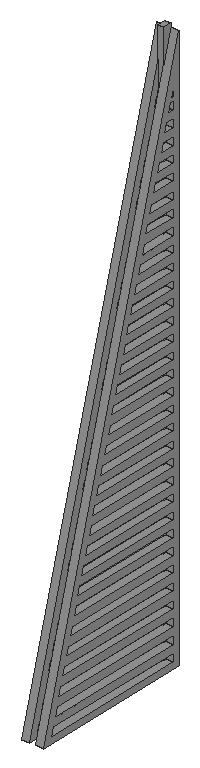
Revit family "MBS_shading panel2__up_90", category Generic Models, Revit 2014
Reference planes
  plane 1 "Center (Front/Back)": y = 0
  plane 2: z = 0
  plane 3 "Center (Left/Right)": x = 0
Dimensions and locks
  aligned and locked: level to plane 2
Nested families
  nested 1: "MBS_rounding mullion shading system1" at (100, -100, 0), type "MBS_rounding mullion shading system1"
    with rounding mullion height 2700 mm
  nested 2: "MBS_shading panel2" at (180, -97.037, 2680) x (0, 1, 0) z (1, 0, 0), type "MBS_shading panel2"
    with shad panel thickness 40 mm, shad panel 1 void height 2700 mm
  nested 3: "MBS_shading panel2" at (155, -97.037, 2680) x (0, 1, 0) z (-1, 0, 0), type "MBS_shading panel2"
    with shad panel thickness 40 mm, shad panel 1 void height 2700 mm
Definition of nested family "MBS_rounding mullion shading system1"
  Parameters (values of type "MBS_rounding mullion shading system1")
    rounding mullion mater = Steel, Galvanized rounding mull
    rounding mullion height [instance] = 2700 mm
    Default Elevation = 1219.2 mm
  Reference planes
    plane 1 "Center (Front/Back)": y = 0
    plane 2: z = 0
    plane 3 "Center (Left/Right)": x = 0
  Forms (mm)
    Extrusion 1, solid
      sketch origin (0, 0, 0) x (1, 0, 0) y (0, 1, 0)
        loop
          line (-1219.2, 1219.2) -> (-1219.2, -1219.2) -> (1219.2, -1219.2) -> (1219.2, 1219.2) -> (-1219.2, 1219.2)
      from 0 to -304.8
    Extrusion 2, solid, material "Steel, Galvanized rounding mull" <- "rounding mullion mater"
      sketch origin (0, 0, 0) x (1, 0, 0) y (0, 1, 0)
        loop
          line (55, 0) -> (55, -40) -> (80, -40) -> (80, 0) -> (55, 0)
      from 0 to 2700 <- "rounding mullion height"
  Dimensions and locks
    aligned and locked: plane 2 to Extrusion 1
    aligned and locked: level to Extrusion 1
Definition of nested family "MBS_shading panel2"
  Parameters (values of type "MBS_shading panel2")
    shading panel mater = Oak, Red shading panel2
    shad panel thickness [instance] = 40 mm
    shad panel 1 void height [instance] = 2700 mm
    panel hole = 40 mm
    Default Elevation = 1219.2 mm
  Reference planes
    plane 1 "Center (Front/Back)": y = 0
    plane 2: z = 0
    plane 3 "Center (Left/Right)": x = 0
    plane 4: y = -281.851
    plane 5: y = -321.851
    plane 6: y = -356.851
    plane 7: y = -396.851
    plane 8: through (-32.963, -206.851, 1219.2) normal (0.9588, -0.2841, 0)
    plane 9: y = -431.851
    plane 10: y = -471.851
    plane 11: y = -506.851
    plane 12: y = -546.851
    plane 13: y = -581.851
    plane 14: y = -621.851
    plane 15: y = -661.851
    plane 16: y = -701.851
    plane 17: y = -736.851
    plane 18: y = -776.851
    plane 19: y = -811.851
    plane 20: y = -851.851
    plane 21: y = -886.851
    plane 22: y = -926.851
    plane 23: y = -961.851
    plane 24: y = -1001.851
    plane 25: y = -1036.851
    plane 26: y = -1076.851
    plane 27: y = -1111.851
    plane 28: y = -1151.851
    plane 29: y = -1186.851
    plane 30: y = -1226.851
    plane 31: y = -1261.851
    plane 32: y = -1301.851
    plane 33: y = -1336.851
    plane 34: y = -1376.851
    plane 35: y = -1411.851
    plane 36: y = -1451.851
    plane 37: y = -1486.851
    plane 38: y = -1526.851
    plane 39: y = -1561.851
    plane 40: y = -1601.851
    plane 41: y = -1636.851
    plane 42: y = -1676.851
    plane 43: y = -1711.851
    plane 44: y = -1751.851
    plane 45: y = -1786.851
    plane 46: y = -1826.851
    plane 47: y = -1861.851
    plane 48: y = -1901.851
    plane 49: y = -1936.851
    plane 50: y = -1976.851
    plane 51: y = -2011.851
    plane 52: y = -2051.851
    plane 53: y = -2086.851
    plane 54: y = -2126.851
    plane 55: y = -2161.851
    plane 56: y = -2201.851
    plane 57: y = -2236.851
    plane 58: y = -2276.851
    plane 59: y = -2311.851
    plane 60: y = -2351.851
    plane 61: y = -2386.851
    plane 62: y = -2426.851
    plane 63: y = -2501.851
    plane 64: y = -2461.851
    plane 65: y = -2536.851
    plane 66: y = -2576.851
    plane 67: y = -2611.851
    plane 68: y = -2651.851
  Forms (mm)
    Extrusion 1, solid
      sketch origin (0, 0, 0) x (1, 0, 0) y (0, 1, 0)
        loop
          line (-1219.2, 1219.2) -> (-1219.2, -1219.2) -> (1219.2, -1219.2) -> (1219.2, 1219.2) -> (-1219.2, 1219.2)
      from 0 to -304.8
    Extrusion 2, solid, material "Oak, Red shading panel2" <- "shading panel mater"
      sketch origin (224.87, -1442.49, 0) x (1, 0, 0) y (0, 1, 0)
        loop
          line (-227.833, 1442.49) -> (-1021.907, -1237.51) -> (-227.833, -1237.51) -> (-227.833, 1442.49)
        loop
          line (-257.833, 1235.639) -> (-275.611, 1175.639) -> (-257.833, 1175.639) -> (-257.833, 1235.639)
        loop
          line (-257.833, 1160.639) -> (-280.056, 1160.639) -> (-291.907, 1120.639) -> (-257.833, 1120.639) -> (-257.833, 1160.639)
        loop
          line (-257.833, 1085.639) -> (-302.278, 1085.639) -> (-314.13, 1045.639) -> (-257.833, 1045.639) -> (-257.833, 1085.639)
        loop
          line (-257.833, 1010.639) -> (-324.5, 1010.639) -> (-336.352, 970.639) -> (-257.833, 970.639) -> (-257.833, 1010.639)
        loop
          line (-257.833, 860.639) -> (-368.944, 860.639) -> (-380.796, 820.639) -> (-257.833, 820.639) -> (-257.833, 860.639)
        loop
          line (-257.833, 935.639) -> (-346.722, 935.639) -> (-358.574, 895.639) -> (-257.833, 895.639) -> (-257.833, 935.639)
        loop
          line (-257.833, 780.639) -> (-392.648, 780.639) -> (-404.5, 740.639) -> (-257.833, 740.639) -> (-257.833, 780.639)
        loop
          line (-257.833, 705.639) -> (-414.87, 705.639) -> (-426.722, 665.639) -> (-257.833, 665.639) -> (-257.833, 705.639)
        loop
          line (-257.833, 630.639) -> (-437.093, 630.639) -> (-448.944, 590.639) -> (-257.833, 590.639) -> (-257.833, 630.639)
        loop
          line (-257.833, 555.639) -> (-459.315, 555.639) -> (-471.167, 515.639) -> (-257.833, 515.639) -> (-257.833, 555.639)
        loop
          line (-257.833, 480.639) -> (-481.537, 480.639) -> (-493.389, 440.639) -> (-257.833, 440.639) -> (-257.833, 480.639)
        loop
          line (-257.833, 405.639) -> (-503.759, 405.639) -> (-515.611, 365.639) -> (-257.833, 365.639) -> (-257.833, 405.639)
        loop
          line (-257.833, 330.639) -> (-525.982, 330.639) -> (-537.833, 290.639) -> (-257.833, 290.639) -> (-257.833, 330.639)
        loop
          line (-257.833, 255.639) -> (-548.204, 255.639) -> (-560.056, 215.639) -> (-257.833, 215.639) -> (-257.833, 255.639)
        loop
          line (-257.833, 180.639) -> (-570.426, 180.639) -> (-582.278, 140.639) -> (-257.833, 140.639) -> (-257.833, 180.639)
        loop
          line (-257.833, 105.639) -> (-592.648, 105.639) -> (-604.5, 65.639) -> (-257.833, 65.639) -> (-257.833, 105.639)
        loop
          line (-257.833, 30.639) -> (-614.87, 30.639) -> (-626.722, -9.361) -> (-257.833, -9.361) -> (-257.833, 30.639)
        loop
          line (-257.833, -44.361) -> (-637.093, -44.361) -> (-648.944, -84.361) -> (-257.833, -84.361) -> (-257.833, -44.361)
        loop
          line (-257.833, -119.361) -> (-659.315, -119.361) -> (-671.167, -159.361) -> (-257.833, -159.361) -> (-257.833, -119.361)
        loop
          line (-257.833, -194.361) -> (-681.537, -194.361) -> (-693.389, -234.361) -> (-257.833, -234.361) -> (-257.833, -194.361)
        loop
          line (-257.833, -269.361) -> (-703.759, -269.361) -> (-715.611, -309.361) -> (-257.833, -309.361) -> (-257.833, -269.361)
        loop
          line (-257.833, -344.361) -> (-725.982, -344.361) -> (-737.833, -384.361) -> (-257.833, -384.361) -> (-257.833, -344.361)
        loop
          line (-257.833, -419.361) -> (-748.204, -419.361) -> (-760.056, -459.361) -> (-257.833, -459.361) -> (-257.833, -419.361)
        loop
          line (-257.833, -494.361) -> (-770.426, -494.361) -> (-782.278, -534.361) -> (-257.833, -534.361) -> (-257.833, -494.361)
        loop
          line (-257.833, -569.361) -> (-792.648, -569.361) -> (-804.5, -609.361) -> (-257.833, -609.361) -> (-257.833, -569.361)
        loop
          line (-257.833, -644.361) -> (-814.87, -644.361) -> (-826.722, -684.361) -> (-257.833, -684.361) -> (-257.833, -644.361)
        loop
          line (-257.833, -719.361) -> (-837.093, -719.361) -> (-848.944, -759.361) -> (-257.833, -759.361) -> (-257.833, -719.361)
        loop
          line (-257.833, -794.361) -> (-859.315, -794.361) -> (-871.167, -834.361) -> (-257.833, -834.361) -> (-257.833, -794.361)
        loop
          line (-257.833, -869.361) -> (-881.537, -869.361) -> (-893.389, -909.361) -> (-257.833, -909.361) -> (-257.833, -869.361)
        loop
          line (-257.833, -944.361) -> (-903.759, -944.361) -> (-915.611, -984.361) -> (-257.833, -984.361) -> (-257.833, -944.361)
        loop
          line (-257.833, -1019.361) -> (-925.982, -1019.361) -> (-937.833, -1059.361) -> (-257.833, -1059.361) -> (-257.833, -1019.361)
        loop
          line (-257.833, -1094.361) -> (-948.204, -1094.361) -> (-960.056, -1134.361) -> (-257.833, -1134.361) -> (-257.833, -1094.361)
        loop
          line (-257.833, -1169.361) -> (-970.426, -1169.361) -> (-982.278, -1209.361) -> (-257.833, -1209.361) -> (-257.833, -1169.361)
      from 0 to 40 <- "shad panel thickness"
  Dimensions and locks
    "panel hole": plane 4 to plane 5
    "panel hole": plane 6 to plane 7
    "panel hole": plane 9 to plane 10
    "panel hole": plane 11 to plane 12
    "panel hole": plane 13 to plane 14
    "panel hole": plane 15 to plane 16
    "panel hole": plane 17 to plane 18
    "panel hole": plane 19 to plane 20
    "panel hole": plane 21 to plane 22
    "panel hole": plane 23 to plane 24
    "panel hole": plane 25 to plane 26
    "panel hole": plane 27 to plane 28
    "panel hole": plane 29 to plane 30
    "panel hole": plane 31 to plane 32
    "panel hole": plane 33 to plane 34
    "panel hole": plane 35 to plane 36
    "panel hole": plane 37 to plane 38
    "panel hole": plane 39 to plane 40
    "panel hole": plane 41 to plane 42
    "panel hole": plane 43 to plane 44
    "panel hole": plane 45 to plane 46
    "panel hole": plane 47 to plane 48
    "panel hole": plane 49 to plane 50
    "panel hole": plane 51 to plane 52
    "panel hole": plane 53 to plane 54
    "panel hole": plane 55 to plane 56
    "panel hole": plane 57 to plane 58
    "panel hole": plane 59 to plane 60
    "panel hole": plane 61 to plane 62
    "panel hole": plane 64 to plane 63
    "panel hole": plane 65 to plane 66
    "panel hole": plane 67 to plane 68
    aligned and locked: plane 2 to Extrusion 1
    aligned and locked: level to Extrusion 1
    aligned and locked: plane 4 to Extrusion 2 sketch curve
    aligned and locked: plane 5 to Extrusion 2 sketch curve
    aligned and locked: plane 6 to Extrusion 2 sketch curve
    aligned and locked: plane 7 to Extrusion 2 sketch curve
    aligned and locked: plane 8 to Extrusion 2 sketch curve  (x33)
    aligned and locked: plane 9 to Extrusion 2 sketch curve
    aligned and locked: plane 10 to Extrusion 2 sketch curve
    aligned and locked: plane 11 to Extrusion 2 sketch curve
    aligned and locked: plane 12 to Extrusion 2 sketch curve
    aligned and locked: plane 13 to Extrusion 2 sketch curve
    aligned and locked: plane 14 to Extrusion 2 sketch curve
    aligned and locked: plane 15 to Extrusion 2 sketch curve
    aligned and locked: plane 16 to Extrusion 2 sketch curve
    aligned and locked: plane 17 to Extrusion 2 sketch curve
    aligned and locked: plane 18 to Extrusion 2 sketch curve
    aligned and locked: plane 19 to Extrusion 2 sketch curve
    aligned and locked: plane 20 to Extrusion 2 sketch curve
    aligned and locked: plane 21 to Extrusion 2 sketch curve
    aligned and locked: plane 22 to Extrusion 2 sketch curve
    aligned and locked: plane 23 to Extrusion 2 sketch curve
    aligned and locked: plane 24 to Extrusion 2 sketch curve
    aligned and locked: plane 25 to Extrusion 2 sketch curve
    aligned and locked: plane 26 to Extrusion 2 sketch curve
    aligned and locked: plane 27 to Extrusion 2 sketch curve
    aligned and locked: plane 28 to Extrusion 2 sketch curve
    aligned and locked: plane 29 to Extrusion 2 sketch curve
    aligned and locked: plane 30 to Extrusion 2 sketch curve
    aligned and locked: plane 31 to Extrusion 2 sketch curve
    aligned and locked: plane 32 to Extrusion 2 sketch curve
    aligned and locked: plane 33 to Extrusion 2 sketch curve
    aligned and locked: plane 34 to Extrusion 2 sketch curve
    aligned and locked: plane 35 to Extrusion 2 sketch curve
    aligned and locked: plane 36 to Extrusion 2 sketch curve
    aligned and locked: plane 37 to Extrusion 2 sketch curve
    aligned and locked: plane 38 to Extrusion 2 sketch curve
    aligned and locked: plane 39 to Extrusion 2 sketch curve
    aligned and locked: plane 40 to Extrusion 2 sketch curve
    aligned and locked: plane 41 to Extrusion 2 sketch curve
    aligned and locked: plane 42 to Extrusion 2 sketch curve
    aligned and locked: plane 43 to Extrusion 2 sketch curve
    aligned and locked: plane 44 to Extrusion 2 sketch curve
    aligned and locked: plane 45 to Extrusion 2 sketch curve
    aligned and locked: plane 46 to Extrusion 2 sketch curve
    aligned and locked: plane 47 to Extrusion 2 sketch curve
    aligned and locked: plane 48 to Extrusion 2 sketch curve
    aligned and locked: plane 49 to Extrusion 2 sketch curve
    aligned and locked: plane 50 to Extrusion 2 sketch curve
    aligned and locked: plane 51 to Extrusion 2 sketch curve
    aligned and locked: plane 52 to Extrusion 2 sketch curve
    aligned and locked: plane 53 to Extrusion 2 sketch curve
    aligned and locked: plane 54 to Extrusion 2 sketch curve
    aligned and locked: plane 55 to Extrusion 2 sketch curve
    aligned and locked: plane 56 to Extrusion 2 sketch curve
    aligned and locked: plane 57 to Extrusion 2 sketch curve
    aligned and locked: plane 58 to Extrusion 2 sketch curve
    aligned and locked: plane 59 to Extrusion 2 sketch curve
    aligned and locked: plane 60 to Extrusion 2 sketch curve
    aligned and locked: plane 61 to Extrusion 2 sketch curve
    aligned and locked: plane 62 to Extrusion 2 sketch curve
    aligned and locked: plane 63 to Extrusion 2 sketch curve
    aligned and locked: plane 64 to Extrusion 2 sketch curve
    aligned and locked: plane 65 to Extrusion 2 sketch curve
    aligned and locked: plane 66 to Extrusion 2 sketch curve
    aligned and locked: plane 67 to Extrusion 2 sketch curve
    aligned and locked: plane 68 to Extrusion 2 sketch curve
  Automatic sketch dimensions
    Extrusion 1 sketch curve to Extrusion 1 sketch curve = 2438.4 mm  (x2)
    plane 1 "Center (Front/Back)" to Extrusion 2 sketch curve = 0 mm
    Extrusion 2 sketch curve to plane 68 = 28.149 mm
    Extrusion 2 sketch curve to Extrusion 2 sketch curve = 39.63 mm
    plane 4 to Extrusion 2 sketch curve = 15 mm
    Extrusion 2 sketch curve to plane 3 "Center (Left/Right)" = 32.963 mm  (x32)
    Extrusion 2 sketch curve to Extrusion 2 sketch curve = 0 mm
    Extrusion 2 sketch curve to plane 3 "Center (Left/Right)" = 2.963 mm
